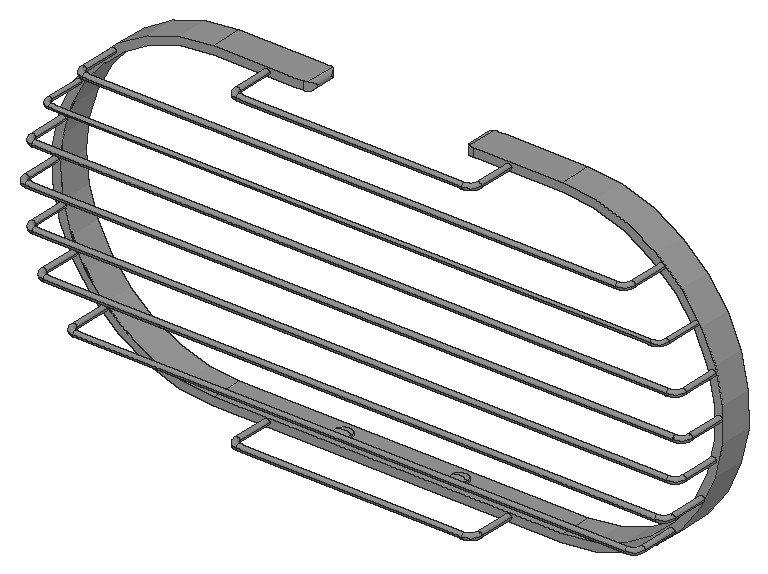
Revit family "RECK Jabonera 25x12cm BC2512300", category Generic Models, host Face, Revit 2014
Parameters
  MODELO = "RECK"
  MARCA = "WASSER"
  EMPRESA = "CHC COMERCIAL HISPANO CHILENA"
  Default Elevation = 1219.2 mm
  DIMENSIONES = "25X12CM"
  CÓDIGO = "BC2512300"
  ACCESORIO = "JABONERA"
Reference planes
  plane 1 "Center (Front/Back)": y = 0
  plane 2: z = 0
  plane 3 "Center (Left/Right)": x = 0
  plane 4: z = 120
  plane 5: x = 125
  plane 6: x = -125
  plane 7: y = -30
  plane 8: x = -75
  plane 9: x = 75
  plane 10: z = 61.726
  plane 11: z = 76.226
  plane 12: z = 90.726
  plane 13: z = 105.226
  plane 14: z = 47.226
  plane 15: z = 32.726
  plane 16: z = 18.226
  plane 17: x = 102.253
  plane 18: x = 115
  plane 19: x = 121.257
  plane 20: x = -102.269
  plane 21: x = -115
  plane 22: x = -121.057
  plane 23: x = 45
  plane 24: x = -45
Forms (mm)
  Extrusion 1, solid, material "Steel, Chrome Plated"
    sketch origin (0, 0, 0) x (1, 0, 0) y (0, 0, 1)
      loop
        arc (65, 0) -> (125, 60) -> (65, 120) r 60
        line (65, 120) -> (30, 120)
        arc (30, 120) -> (28.5, 118.5) -> (30, 117) r 1.5
        line (30, 117) -> (65, 117)
        arc (65, 117) -> (122, 60) -> (65, 3) r 57
        line (65, 3) -> (-65, 3)
        arc (-65, 3) -> (-122, 60) -> (-65, 117) r 57
        line (-65, 117) -> (-30, 117)
        arc (-30, 117) -> (-28.5, 118.5) -> (-30, 120) r 1.5
        line (-30, 120) -> (-65, 120)
        arc (-65, 120) -> (-125, 60) -> (-65, 0) r 60
        line (-65, 0) -> (65, 0)
    from 0 to 12
  Extrusion 2, void
    sketch origin (0, 0, 0) x (1, 0, 0) y (0, 1, 0)
      loop
        line (-33.818, 0) -> (-31.5, 0)
        arc (-31.5, 0) -> (-29.379, -0.879) -> (-28.5, -3) r 3
        line (-28.5, -3) -> (-28.5, -9)
        arc (-28.5, -9) -> (-29.379, -11.121) -> (-31.5, -12) r 3
        line (-31.5, -12) -> (-33.818, -12) -> (-27.237, -14.082) -> (-26.755, -0.296) -> (-30.222, 2.612) -> (-33.818, 0)
    from 113.067 to 122.001
  Extrusion 3, void
    sketch origin (0, 0, 0) x (-1, 0, 0) y (0, -1, 0)
      loop
        line (-33.818, 0) -> (-30.222, -2.612) -> (-26.755, 0.296) -> (-27.237, 14.082) -> (-33.818, 12) -> (-31.5, 12)
        arc (-31.5, 12) -> (-29.379, 11.121) -> (-28.5, 9) r 3
        line (-28.5, 9) -> (-28.5, 3)
        arc (-28.5, 3) -> (-29.379, 0.879) -> (-31.5, 0) r 3
        line (-31.5, 0) -> (-33.818, 0)
    from 111.791 to 122.001
  Revolve 4, solid, material "Steel, Chrome Plated"
    sketch origin (5.631, -5.965, 0) x (1, 0, 0) y (0, 0, 1)
      loop
        arc (19.269, 3.812) -> (17.821, 4.357) -> (16.286, 4.542) r 6.456
        line (16.286, 4.542) -> (16.286, 3) -> (19.269, 3) -> (19.269, 3.812)
      axis (16.286, 4.542) -> (16.286, 3)
    angle from 0 to 360
  Revolve 5, solid, material "Steel, Chrome Plated"
    sketch origin (-5, -5.965, 0) x (-1, 0, 0) y (0, 0, 1)
      loop
        arc (19.269, 3.812) -> (17.821, 4.357) -> (16.286, 4.542) r 6.456
        line (16.286, 4.542) -> (16.286, 3) -> (19.269, 3) -> (19.269, 3.812)
      axis (16.286, 4.542) -> (16.286, 3)
    angle from 0 to 360
  Sweep 6, solid, material "Steel, Chrome Plated"
    path origin (0, 0, 61.726) x (1, 0, 0) y (0, 1, 0)
      loop
        line (123.573, -12) -> (123.573, -25.954)
        arc (123.573, -25.954) -> (122.694, -28.075) -> (120.573, -28.954) r 3
        line (120.573, -28.954) -> (-120.68, -28.954)
        arc (-120.68, -28.954) -> (-122.769, -28.088) -> (-123.635, -25.998) r 2.955
        line (-123.635, -25.998) -> (-123.635, -12)
    profile origin (-0.053, -28.954, 61.726) x (0, -1, 0) y (0, 0, 1)
      loop
        circle (0, 0) r 1
  Sweep 7, solid, material "Steel, Chrome Plated"
    path origin (21.366, 0, 105.309) x (1, 0, 0) y (0, 1, 0)
      loop
        line (80.887, -12) -> (80.887, -25.954)
        arc (80.887, -25.954) -> (80.008, -28.075) -> (77.887, -28.954) r 3
        line (77.887, -28.954) -> (-120.68, -28.954)
        arc (-120.68, -28.954) -> (-122.769, -28.088) -> (-123.635, -25.998) r 2.955
        line (-123.635, -25.998) -> (-123.635, -12)
    profile origin (-0.03, -28.954, 105.309) x (0, -1, 0) y (0, 0, 1)
      loop
        circle (0, 0) r 1
  Sweep 8, solid, material "Steel, Chrome Plated"
    path origin (8.635, 0, 90.726) x (1, 0, 0) y (0, 1, 0)
      loop
        line (106.365, -12) -> (106.365, -25.954)
        arc (106.365, -25.954) -> (105.486, -28.075) -> (103.365, -28.954) r 3
        line (103.365, -28.954) -> (-120.68, -28.954)
        arc (-120.68, -28.954) -> (-122.769, -28.088) -> (-123.635, -25.998) r 2.955
        line (-123.635, -25.998) -> (-123.635, -12)
    profile origin (-0.022, -28.954, 90.726) x (0, -1, 0) y (0, 0, 1)
      loop
        circle (0, 0) r 0.8
  Sweep 9, solid, material "Steel, Chrome Plated"
    path origin (2.578, 0, 76.226) x (1, 0, 0) y (0, 1, 0)
      loop
        line (118.68, -12) -> (118.68, -25.954)
        arc (118.68, -25.954) -> (117.801, -28.075) -> (115.68, -28.954) r 3
        line (115.68, -28.954) -> (-120.68, -28.954)
        arc (-120.68, -28.954) -> (-122.769, -28.088) -> (-123.635, -25.998) r 2.955
        line (-123.635, -25.998) -> (-123.635, -12)
    profile origin (0.078, -28.954, 76.226) x (0, -1, 0) y (0, 0, 1)
      loop
        circle (0, 0) r 1
  Sweep 10, solid, material "Steel, Chrome Plated"
    path origin (21.366, 0, 18.143) x (0, -1, 0) y (1, 0, 0)
      loop
        line (12, 84.463) -> (25.954, 84.463)
        arc (25.954, 84.463) -> (28.075, 83.584) -> (28.954, 81.463) r 3
        line (28.954, 81.463) -> (28.954, -124.222)
        arc (28.954, -124.222) -> (28.088, -126.311) -> (25.998, -127.177) r 2.955
        line (25.998, -127.177) -> (12, -127.177)
    profile origin (-0.013, -28.954, 18.143) x (0, -1, 0) y (0, 0, 1)
      loop
        circle (0, 0) r 1
  Sweep 11, solid, material "Steel, Chrome Plated"
    path origin (8.635, 0, 32.726) x (0, -1, 0) y (1, 0, 0)
      loop
        line (12, 108.327) -> (25.954, 108.327)
        arc (25.954, 108.327) -> (28.075, 107.448) -> (28.954, 105.327) r 3
        line (28.954, 105.327) -> (28.954, -122.636)
        arc (28.954, -122.636) -> (28.088, -124.726) -> (25.998, -125.592) r 2.955
        line (25.998, -125.592) -> (12, -125.592)
    profile origin (-0.02, -28.954, 32.726) x (0, -1, 0) y (0, 0, 1)
      loop
        circle (0, 0) r 1
  Sweep 12, solid, material "Steel, Chrome Plated"
    path origin (2.578, 0, 47.226) x (0, -1, 0) y (1, 0, 0)
      loop
        line (12, 118.68) -> (25.954, 118.68)
        arc (25.954, 118.68) -> (28.075, 117.801) -> (28.954, 115.68) r 3
        line (28.954, 115.68) -> (28.954, -120.68)
        arc (28.954, -120.68) -> (28.088, -122.769) -> (25.998, -123.635) r 2.955
        line (25.998, -123.635) -> (12, -123.635)
    profile origin (0.078, -28.954, 47.226) x (0, -1, 0) y (0, 0, 1)
      loop
        circle (0, 0) r 1
  Sweep 13, solid, material "Steel, Chrome Plated"
    path origin (78.635, 0, 118.374) x (1, 0, 0) y (0, 1, 0)
      loop
        line (-33.635, -12) -> (-33.635, -25.954)
        arc (-33.635, -25.954) -> (-34.514, -28.075) -> (-36.635, -28.954) r 3
        line (-36.635, -28.954) -> (-120.68, -28.954)
        arc (-120.68, -28.954) -> (-122.769, -28.088) -> (-123.635, -25.998) r 2.955
        line (-123.635, -25.998) -> (-123.635, -12)
    profile origin (-0.022, -28.954, 118.374) x (0, -1, 0) y (0, 0, 1)
      loop
        circle (0, 0) r 1
  Sweep 14, solid, material "Steel, Chrome Plated"
    path origin (78.635, 0, 1.608) x (1, 0, 0) y (0, 1, 0)
      loop
        line (-33.635, -12) -> (-33.635, -25.954)
        arc (-33.635, -25.954) -> (-34.514, -28.075) -> (-36.635, -28.954) r 3
        line (-36.635, -28.954) -> (-120.68, -28.954)
        arc (-120.68, -28.954) -> (-122.769, -28.088) -> (-123.635, -25.998) r 2.955
        line (-123.635, -25.998) -> (-123.635, -12)
    profile origin (-0.022, -28.954, 1.608) x (0, -1, 0) y (0, 0, 1)
      loop
        circle (0, 0) r 1
Cuts and joins
  Extrusion 2, Extrusion 3 cuts Extrusion 1
Dimensions and locks
  aligned and locked: plane 2 to host face
  aligned and locked: level to host face
